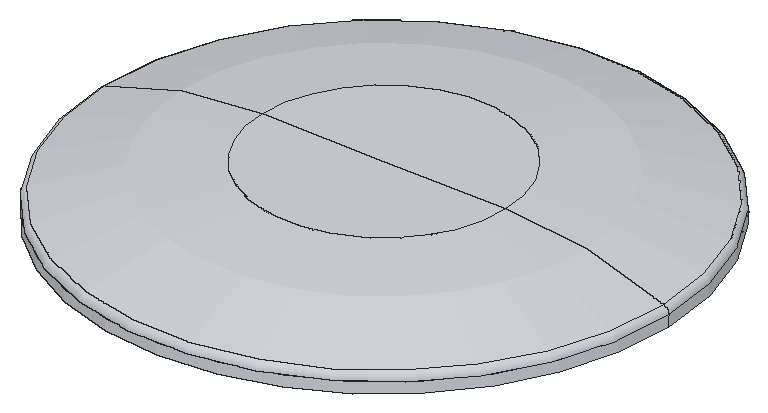
Revit family "Reece_Bath_Kado_Lux_Freestanding Bath_Sanitary Grade Acrylic", category Plumbing Fixtures, Revit 2018
Family settings
  Round Connector Dimension = Use Diameter
  Part Type = Normal
  Work Plane-Based = Yes
  Always vertical = Yes
  Cut with Voids When Loaded = Yes
  Shared = Yes
  Room Calculation Point = Yes
Parameters (values of type "1500 mm_194 ltr_Black_White")
  URL = "https://www.reece.com.au/product/-9504058"
  Type Comments = "Bath"
  Reece_Product_Web Page = "https://www.reece.com.au/product/-9504058"
  Reece_Product_Type = "Bath"  # constant formula
  Reece_Product_Sub Brand = "Lux"  # constant formula
  Reece_Product_Number = "9504058"
  Reece_Product_Mount = "Floor Mounted"
  Reece_Product_Description = "Kado Lux Petite Freestanding Bath 1500mm Black/ White"
  Reece_Product_Brand = "Kado"  # constant formula
  Reece_Overall_Width = 730 mm  # constant formula
  Reece_Overall_Length = 1500 mm  # constant formula
  Reece_Overall_Height = 600 mm  # constant formula
  Reece_Overall_Capacity = 194.00 L  # constant formula
  Reece_Material_Secondary = Reece_Brass_Chrome
  Reece_Material_Main = Reece_Acrylic_White
  Reece_Material_Colour = Reece_Brass_Matte Black
  Reece_Detail_Material = "Sanitary Grade Acrylic"  # constant formula
  Reece_Detail_Installation = "Freestanding Bath"  # constant formula
  Reece_Detail_Disclaimer = "THIS FILE IS THE PROPERTY OF THE REECE GROUP. IT MAY NOT BE REPRODUCED, REVERSE-ENGINEERED OR MODIFIED. ANY REPUBLICATION, TRANSMISSION OR DISTRIBUTION FOR THE PURPOSE OF COMMERCIALLY EXPLOITING THE FILES IS PROHIBITED."  # constant formula
  Reece_Detail_Additional = "No Overflow"  # constant formula
  Reece_Bath_Outlet = 40 mm  # constant formula
  Reece_Bath_Lip = 30 mm  # constant formula
  Model = "Lux"
  Manufacturer = "Kado"
  Keynote = "Product #9504058, Reece_Bath_Kado_Lux_Freestanding Bath_Sanitary Grade Acrylic - 1500 mm_194 ltr_Black_White"
  Disclaimer = "THIS FILE IS THE PROPERTY OF THE REECE GROUP. IT MAY NOT BE REPRODUCED, REVERSE-ENGINEERED OR MODIFIED. ANY REPUBLICATION, TRANSMISSION OR DISTRIBUTION FOR THE PURPOSE OF COMMERCIALLY EXPLOITING THE FILES IS PROHIBITED."  # constant formula
  Description = "Kado Lux Petite Freestanding Bath 1500mm Black/ White"
  Default Elevation = 0 mm
Types (3, lengths in mm): name | URL | Reece_Product_Web Page | Reece_Product_Number | Reece_Product_Description | Reece_Material_Colour | Keynote | Description
  (no name) | "https://www.reece.com.au/product/-9504058" | "https://www.reece.com.au/product/-9504058" | "9504058" | "Kado Lux Petite Freestanding Bath 1500mm Black/ White" | Reece_Brass_Matte Black | "Product #9504058, Reece_Bath_Kado_Lux_Freestanding Bath_Sanitary Grade Acrylic -  " | "Kado Lux Petite Freestanding Bath 1500mm Black/ White"
  1500 mm_194 ltr_Black_White | "https://www.reece.com.au/product/-9504058" | "https://www.reece.com.au/product/-9504058" | "9504058" | "Kado Lux Petite Freestanding Bath 1500mm Black/ White" | Reece_Brass_Matte Black | "Product #9504058, Reece_Bath_Kado_Lux_Freestanding Bath_Sanitary Grade Acrylic - 1500 mm_194 ltr_Black_White" | "Kado Lux Petite Freestanding Bath 1500mm Black/ White"
  1500 mm_194 ltr_White | "https://www.reece.com.au/product/-9502159" | "https://www.reece.com.au/product/-9502159" | "9502159" | "Kado Lux Petite Freestanding Bath 1500mm White" | Reece_Acrylic_White | "Product #9502159, Reece_Bath_Kado_Lux_Freestanding Bath_Sanitary Grade Acrylic - 1500 mm_194 ltr_White" | "Kado Lux Petite Freestanding Bath 1500mm White"
Reference planes
  plane 1 "Center (Front/Back)": y = 0
  plane 2 "Bottom Host Plane": z = 0
  plane 3 "Center (Left/Right)": x = 0
  plane 4: x = -750
  plane 5: y = 365
  plane 6: y = -365
  plane 7: x = 750
  plane 8: z = 600
Text (mm)
  text "Reece ©" at (3091.407, -1950.658, 2974.748), in view "Reece Preview"
  text "Reece Copyright © 2018, Reece Ltd." at (-1309.44, -600.054, 0), in view "Ref. Level"
Dimensions and locks
  "Reece_Overall_Length": plane 4 to plane 7
  "Reece_Overall_Width": plane 5 to plane 6
  equal spacing: plane 6, plane 1 "Center (Front/Back)", plane 5
  equal spacing: plane 4, plane 3 "Center (Left/Right)", plane 7
  "Reece_Overall_Height": plane 8 to plane 2 "Bottom Host Plane"
  "Reece_Overall_Length": nested 1 to plane 4
  "Reece_Overall_Width": plane 5 to nested 1
  nested 1 to nested 1 to nested 1 = 500 mm, 500 mm
  plane 8 to level = 600 mm
Nested families
  nested 1: "Reece_Bath_Kado_Lux_Freestanding Bath_Sanitary Grade Acrylic_Nested" at (0.001, 0, 0), Reece_Material_Main <- "Reece_Material_Main", Reece_Material_Secondary <- "Reece_Material_Secondary", Reece_Material_Colour <- "Reece_Material_Colour", type "1500 mm_194 ltr"
    with Reece_Material_Secondary Reece_Brass_Chrome, Reece_Material_Main Reece_Acrylic_White, Reece_Material_Colour Reece_Brass_Matte Black
Connectors
  piping at (0, 0, 0), diameter 40, driven by "Reece_Bath_Outlet"
    settings: on nested 1, index 1, connector inside diameter 609.6 mm, connector length 0 mm, flow factor 0, pipe flow 0.0 L/s, pressure drop 0.0 Pa, fitting loss kfactor 0, connector angle 0.00°, fixture units 0, engagement length 0 mm, angle of deflection 0.00°, flow configuration 0, flow direction 2, fitting loss method 0, system type 16, joint type 0, gender type 0, connector reference index -1, connector utility 0, adjustable connector no, is connector primary yes, connector description ""
Definition of nested family "Reece_Bath_Kado_Lux_Freestanding Bath_Sanitary Grade Acrylic_Nested"
  Parameters (values of type "1500 mm_194 ltr")
    Reece_Material_Secondary [instance] = none
    Reece_Material_Main [instance] = none
    Reece_Material_Colour [instance] = none
    Default Elevation = 0 mm
  Reference planes
    plane 1 "Center (Front/Back)": y = 0
    plane 2 "Bottom Host Plane": z = 0
    plane 3 "Center (Left/Right)": x = 0
    plane 4: x = -750
    plane 5: y = 365
    plane 6: y = -365
    plane 7: x = 750
    plane 8: z = 600
  Forms (mm)
    Revolve 1, solid, material <- "Reece_Material_Secondary"
      sketch origin (0, 0, 61.108) x (1, 0, 0) y (0, 0, 1)
        loop
          line (-25, 108.892) -> (-22.182, 106.074) -> (0, 106.074) -> (0, 107.074) -> (-21.768, 107.074) -> (-24.585, 109.892) -> (-27.315, 109.892) -> (-27.315, 108.892) -> (-25, 108.892)
        loop
          line (-35, 110.242) -> (0, 110.242) -> (0, 116.217) -> (-15, 116.217)
          arc (-15, 116.217) -> (-24.862, 115.279) -> (-34.37, 112.497) r 52.295
          arc (-34.37, 112.497) -> (-34.828, 112.13) -> (-35, 111.569) r 1
          line (-35, 111.569) -> (-35, 110.242)
        axis (0, 116.217) -> (0, 106.074)
      angle from 0 to 360
  Lines and regions (mm)
    symbolic lines
      curve 1: line (-500, 0, 0) -> (500, 0, 0)
      curve 2: arc (749.999, 0, 600) -> (684.999, 0, 275) -> (500, 0, 0) r 845.006
      curve 3: arc (-500, 0, 0) -> (-684.999, 0, 275) -> (-749.999, 0, 600) r 845.006
      curve 4: line (0, -365, 600) -> (0, 365, 600)
      curve 5: line (0, -241.725, 0) -> (0, 241.725, 0)
      curve 6: line (0, 241.725, 0) -> (0, 365, 600)
      curve 7: line (0, -241.725, 0) -> (0, -365, 600)
  Text (mm)
    text "Reece ©" at (3104.989, -1967.184, 2944.639), in view "Reece Preview"
    text "Reece Copyright © 2018, Reece Ltd." at (-1309.44, -600.054, 0), in view "Ref. Level"
  Dimensions and locks
    plane 4 to plane 7 = 1500 mm
    plane 5 to plane 6 = 730 mm
    equal spacing: plane 6, plane 1 "Center (Front/Back)", plane 5
    equal spacing: plane 4, plane 3 "Center (Left/Right)", plane 7
  Automatic sketch dimensions
    Revolve 1 sketch curve to plane 3 "Center (Left/Right)" = 0 mm  (x3)
    Revolve 1 sketch curve to plane 3 "Center (Left/Right)" = 15 mm
    Revolve 1 sketch curve to Revolve 1 sketch curve = 6.768 mm
    Revolve 1 sketch curve to Revolve 1 sketch curve = 0.414 mm  (x2)
    Revolve 1 sketch curve to Revolve 1 sketch curve = 2.817 mm
    Revolve 1 sketch curve to Revolve 1 sketch curve = 2.315 mm
    Revolve 1 sketch curve to Revolve 1 sketch curve = 6.685 mm
    Revolve 1 sketch curve to Revolve 1 sketch curve = 1 mm  (x3)
    level to Revolve 1 sketch curve = 125.031 mm
    Revolve 1 sketch curve to Revolve 1 sketch curve = 42.152 mm
    Revolve 1 sketch curve to Revolve 1 sketch curve = 1.817 mm
    Revolve 1 sketch curve to Revolve 1 sketch curve = 3.167 mm
    Revolve 1 sketch curve to Revolve 1 sketch curve = 1.327 mm
    Revolve 1 sketch curve to Revolve 1 sketch curve = 9.143 mm
    Revolve 1 sketch curve to Revolve 1 sketch curve = 16.078 mm
    Revolve 1 sketch curve to Revolve 1 sketch curve = 28.783 mm
    curve 3 to level = 0 mm
    plane 4 to curve 1 = 250 mm
    plane 8 to curve 2 = 0.002 mm
    curve 2 to plane 3 "Center (Left/Right)" = 95.006 mm
    plane 8 to curve 3 = 0.002 mm
    plane 3 "Center (Left/Right)" to curve 3 = 95.006 mm
    plane 7 to curve 1 = 250 mm
    curve 2 to plane 8 = 0 mm
    curve 3 to plane 8 = 0 mm
    curve 7 to level = 0 mm
    curve 5 to plane 5 = 123.275 mm
    curve 5 to plane 6 = 123.275 mm
    plane 6 to curve 4 = 0 mm
    curve 4 to plane 8 = 0 mm
    curve 6 to plane 5 = 0 mm
